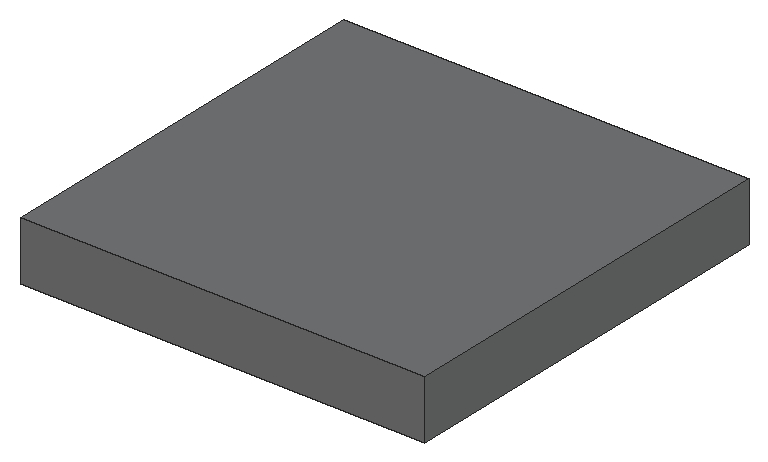
Revit family "Gira_5363005", category Electrical Fixtures, host Face, Revit 2017
Family settings
  Host = Face
  Maintain Annotation Orientation = No
  Round Connector Dimension = Use Diameter
  Part Type = Normal
  Cut with Voids When Loaded = No
  Shared = No
  Room Calculation Point = No
Parameters (values of type "S3000 op.top Memory System 55 black m")
  With cover = "Yes"
  With LED indication = "No"
  URL = "http://katalog.gira.de/en/datenblatt.html?artikelnr=5363005"
  Transparent = "No"
  Suitable for application with venetian shutter switch = "Yes"
  Suitable for application with switch = "No"
  Suitable for application with dimmer = "No"
  Number of buttons = "2"
  Number of actuation points = "4"
  Name = "S3000 op.top Memory System 55 black m"
  Manufacturer URL = "https://www.gira.de/"
  Manufacturer = "Gira"
  Keynote = ""
  HeinzeBIM = "https://bimportal.heinze.de/bim/s3000-op-top-memory-system-55-black-m/cfa59f9f76517979c391fba8ce0a69bdd619f833"
  HAN = "5363005"
  GTIN = "4010337037460"
  Description = "S3000 op.top Memory Sys55 BKm,System 3000 operating top unit Memory,,black matt,Features:,- Save a time for raising and lowering blinds or a switch-on and switch-off time. In memory mode, these switching times are repeated every 24 hours.,- The blocking function blocks operation of the auxiliary unit and deactivates memory mode.,- Adjustbable night mode. Status LED and function LED are not lit up continuously."
  Default Elevation = 1219.2 mm
  Data sheet (1) = "https://katalog.gira.de/en/download.html?artikelnr=5363005"
  Category = "Intelligent control element"
  BIM (1) = "https://media.stage.bim.site/public/gira/36a6b08/Sys55_Abdeckung_Schalten und Tasten.rfa?public/gira/36a6b08/Sys55_Abdeckung_Schalten und Tasten.rfa"
  Available = "No"
  Application = "Control of electrical users"
  Anthrazit [instance] = Anthrazit
Reference planes
  plane 1 "Center (Front/Back)": y = 0
  plane 2: z = 0
  plane 3 "Center (Left/Right)": x = 0
Forms (mm)
  Extrusion 1, solid, material "Anthrazit" <- "Anthrazit", detail levels fine
    sketch origin (0, 0, 0) x (1, 0, 0) y (0, 1, 0)
      loop
        line (-27.5, 27.5) -> (-27.5, -27.5) -> (27.5, -27.5) -> (27.5, 27.5) -> (-27.5, 27.5)
    from 0 to 8
  Extrusion 2, void
    sketch origin (0, 0, 0) x (1, 0, 0) y (0, 1, 0)
      loop
        line (26, 26) -> (-26, 26) -> (-26, -26) -> (26, -26) -> (26, 26)
    from 0 to 6
  Extrusion 3, solid, material "Anthrazit" <- "Anthrazit", detail levels medium
    sketch origin (0, 0, 0) x (1, 0, 0) y (0, 1, 0)
      loop
        line (-27.5, 27.5) -> (-27.5, -27.5) -> (27.5, -27.5) -> (27.5, 27.5) -> (-27.5, 27.5)
    from 0 to 8
  Extrusion 4, solid, material "Anthrazit" <- "Anthrazit", detail levels medium
    sketch origin (0, 0, 0) x (1, 0, 0) y (0, 1, 0)
      loop
        line (11, -17.5) -> (11, 17.5) -> (-11, 17.5) -> (-11, -17.5) -> (11, -17.5)
    from -6 to 6
  Extrusion 5, solid, material "Anthrazit" <- "Anthrazit", detail levels fine
    sketch origin (0, 0, 0) x (1, 0, 0) y (0, 1, 0)
      loop
        line (11, 17.5) -> (-11, 17.5) -> (-11, 16.5) -> (11, 16.5) -> (11, 17.5)
      loop
        line (-11, -16.5) -> (-11, -17.5) -> (11, -17.5) -> (11, -16.5) -> (-11, -16.5)
    from -4 to 6
  Extrusion 6, solid, material "Anthrazit" <- "Anthrazit", detail levels fine
    sketch origin (0, 0, 0) x (1, 0, 0) y (0, 1, 0)
      loop
        arc (5, 9.347) -> (0, 10.6) -> (-5, 9.347) r 10.6
        line (-5, 9.347) -> (-5, -9.347)
        arc (-5, -9.347) -> (0, -10.6) -> (5, -9.347) r 10.6
        line (5, -9.347) -> (5, 9.347)
    from -6 to 6
  Extrusion 7, solid, material "Anthrazit" <- "Anthrazit", detail levels coarse
    sketch origin (0, 0, 0) x (1, 0, 0) y (0, 1, 0)
      loop
        line (-27.5, 27.5) -> (-27.5, -27.5) -> (27.5, -27.5) -> (27.5, 27.5) -> (-27.5, 27.5)
    from -6 to 8
Cuts and joins
  Extrusion 2 cuts Extrusion 1
Dimensions and locks
  aligned and locked: plane 2 to host face
  aligned and locked: level to host face
